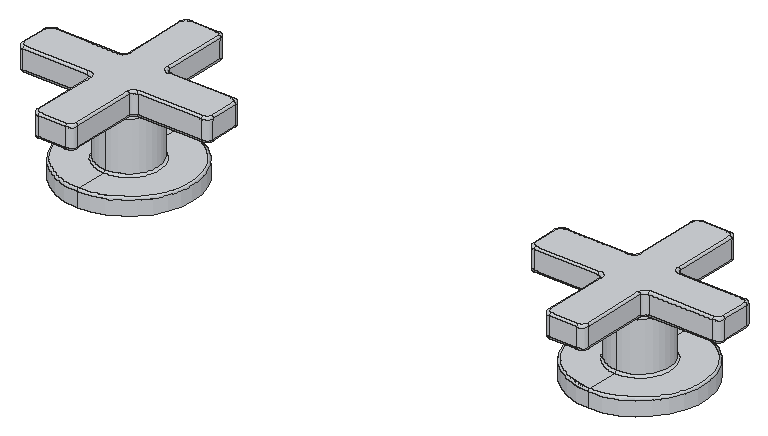
Revit family "Shower-Wall_Mount_Handle-KOHLER-Composed-K-T97045BR_1", category Specialty Equipment, host Face, Revit 2017
Family settings
  Host = Face
  Round Connector Dimension = Use Diameter
  Part Type = Normal
  OmniClass Number = 23.31.25.00
  OmniClass Title = Toilet and Bath Specialties
  Cut with Voids When Loaded = No
  Shared = No
  Room Calculation Point = No
Parameters (values of type "CP-Polished Chrome")
  Width [instance] = 8"
  WaterSense Certified = 1 = 0  # no
  URL = "https://br.kohler.com/"
  Type = 1
  Product Page URL = ""
  Product Name = "Composed"  # constant formula
  Product Documentation Link = ""
  Model = "K-T97045BR-3-CP"  # constant formula
  Material = "Premium Metal Construction"  # constant formula
  Master Format 2014 Name = "Residential Faucets, Supplies, and Trim"  # constant formula
  Master Format 2014 = "22 41 39"  # constant formula
  Manufacturer Address = "Rio de Janeiro MULTIREPAROS RUA BATISTA DA COSTA, Nº 352 | STORE B Rio de Janeiro SÃO GONÇALO 24450-470"  # constant formula
  Manufacturer = "KOHLER Co."  # constant formula
  Length = 1.45669"  # constant formula
  Height = 2.00787"  # constant formula
  Handle Clearance = 1.49606"  # constant formula
  Finish = Kohler-Metal-CP-Polished_Chrome
  Faucet Hole Spacing [instance] = Width  # 8"
  Environmental Product Declaration = ""
  Description = "Two-handle shower trim"  # constant formula
  Default Elevation = 42"
  Declare Label = ""
  Date Modified = "05/18/2021"  # constant formula
  Date Created = "05/18/2021"  # constant formula
  Copyright = "Copyright KOHLER Co."  # constant formula
  Contact Us = "https://br.kohler.com/asr-listing"
  Assembly Code = "D2010"
  ADA Compliant = 1 = 0  # no
Reference planes (in)
  plane 1 "Center (Front/Back)": y = 0
  plane 2: z = 0
  plane 3 "Center (Left/Right)": x = 0
  plane 4: x = -4
  plane 5: x = 4
  plane 6: x = -2.503937
  plane 7: x = -5.496063
  plane 8: x = -2.996063
  plane 9: y = 1.003937
  plane 10: x = -5.003937
  plane 11: x = 2.503937
  plane 12: x = 5.496063
  plane 13: x = 2.996063
  plane 14: x = 5.003937
  plane 15: y = -1.003937
  plane 16: z = 1.4566929
  plane 17: y = 1.496063
  plane 18: y = -1.496063
Dimensions and locks (in)
  "Width": plane 4 to plane 5
  equal spacing: plane 4, plane 3 "Center (Left/Right)", plane 5
  "Height": plane 15 to plane 9
  plane 18 to plane 17 = 2.99213"
  locked: plane 7 to plane 6 at 2.992126
  equal spacing: plane 7, plane 4, plane 6
  locked: plane 12 to plane 11 at 2.992126
  equal spacing: plane 12, plane 5, plane 11
  locked: plane 8 to plane 10 at 2.007874
  equal spacing: plane 8, plane 4, plane 10
  locked: plane 14 to plane 13 at 2.007874
  equal spacing: plane 14, plane 5, plane 13
  "Length": plane 16 to level
  "Handle Clearance": plane 1 "Center (Front/Back)" to plane 18
  aligned and locked: plane 2 to host face
  aligned and locked: level to host face
  aligned and locked: plane 4 to nested 1
  aligned and locked: plane 5 to nested 2
Automatic sketch dimensions
  host sketch curve to host sketch curve = 96"  (x2)
Nested families (in)
  nested 1: "K-T97045BR" at (-4, 0, 0), type "K-T97045BR"
  nested 2: "K-T97045BR" at (4, 0, 0) x (-1, 0, 0) z (0, 0, 1), type "K-T97045BR"
Definition of nested family "K-T97045BR"
  Parameters (values of type "K-T97045BR")
    Material = none
  Reference planes (in)
    plane 1 "Center (Front/Back)": y = 0
    plane 2: z = 0
    plane 3 "Center (Left/Right)": x = 0
    plane 4: y = 1.003937
    plane 5: y = -1.003937
    plane 6: x = -1.003937
    plane 7: x = 1.003937
    plane 8: y = 1.496063
    plane 9: y = -1.496063
    plane 10: x = 1.496063
    plane 11: x = -1.496063
    plane 12: z = 1.4566929
  Forms (in)
    Revolve 1, solid, material <- "Material", detail levels medium+fine
      sketch origin (0, 0, 0) x (0, 1, 0) y (0, 0, 1)
        loop
          line (0, 1.1217795) -> (0, 0) -> (1.003937, 0) -> (1.003937, 0.2244094)
          arc (1.003937, 0.2244094) -> (0.994712, 0.2466805) -> (0.9724409, 0.2559055) r 0.0314961
          line (0.9724409, 0.2559055) -> (0.4843395, 0.2559055)
          arc (0.4843395, 0.2559055) -> (0.4620127, 0.2651536) -> (0.4527646, 0.2874804) r 0.0315749
          line (0.4527646, 0.2874804) -> (0.4527646, 1.0543901)
          arc (0.4527646, 1.0543901) -> (0.4432241, 1.0774229) -> (0.4201913, 1.0869634) r 0.0325733
          line (0.4201913, 1.0869634) -> (0.2907419, 1.0869634) -> (0.2907419, 1.1217795) -> (0, 1.1217795)
        axis (0, 0) -> (0, 1.1217795)
      angle from 0 to 360
    Sweep 2, solid, material <- "Material", detail levels medium+fine
      path origin (0, 0, 0) x (1, 0, 0) y (0, 1, 0)
        loop
          arc (1.496063, 0.2165354) -> (1.4672349, 0.2861326) -> (1.3976378, 0.3149606) r 0.0984252
          line (1.3976378, 0.3149606) -> (0.3937008, 0.3149606)
          arc (0.3937008, 0.3149606) -> (0.3380231, 0.3380231) -> (0.3149606, 0.3937008) r 0.0787402
          line (0.3149606, 0.3937008) -> (0.3149606, 1.3976378)
          arc (0.3149606, 1.3976378) -> (0.2861326, 1.4672349) -> (0.2165354, 1.496063) r 0.0984252
          line (0.2165354, 1.496063) -> (-0.2165354, 1.496063)
          arc (-0.2165354, 1.496063) -> (-0.2861326, 1.4672349) -> (-0.3149606, 1.3976378) r 0.0984252
          line (-0.3149606, 1.3976378) -> (-0.3149606, 0.3937008)
          arc (-0.3149606, 0.3937008) -> (-0.3380231, 0.3380231) -> (-0.3937008, 0.3149606) r 0.0787402
          line (-0.3937008, 0.3149606) -> (-1.3976378, 0.3149606)
          arc (-1.3976378, 0.3149606) -> (-1.4672349, 0.2861326) -> (-1.496063, 0.2165354) r 0.0984252
          line (-1.496063, 0.2165354) -> (-1.496063, -0.2165354)
          arc (-1.496063, -0.2165354) -> (-1.4672349, -0.2861326) -> (-1.3976378, -0.3149606) r 0.0984252
          line (-1.3976378, -0.3149606) -> (-0.3937008, -0.3149606)
          arc (-0.3937008, -0.3149606) -> (-0.3380231, -0.3380231) -> (-0.3149606, -0.3937008) r 0.0787402
          line (-0.3149606, -0.3937008) -> (-0.3149606, -1.3976378)
          arc (-0.3149606, -1.3976378) -> (-0.2861326, -1.4672349) -> (-0.2165354, -1.496063) r 0.0984252
          line (-0.2165354, -1.496063) -> (0.2165354, -1.496063)
          arc (0.2165354, -1.496063) -> (0.2861326, -1.4672349) -> (0.3149606, -1.3976378) r 0.0984252
          line (0.3149606, -1.3976378) -> (0.3149606, -0.3937008)
          arc (0.3149606, -0.3937008) -> (0.3380231, -0.3380231) -> (0.3937008, -0.3149606) r 0.0787402
          line (0.3937008, -0.3149606) -> (1.3976378, -0.3149606)
          arc (1.3976378, -0.3149606) -> (1.4672349, -0.2861326) -> (1.496063, -0.2165354) r 0.0984252
          line (1.496063, -0.2165354) -> (1.496063, 0.2165354)
      profile origin (0, -1.496063, 0) x (0, 1, 0) y (0, 0, 1)
        loop
          line (0.0630536, 1.4566929) -> (0.0316276, 1.4566929)
          arc (0.0316276, 1.4566929) -> (0.0092635, 1.4474294) -> (0, 1.4250653) r 0.0316276
          line (0, 1.4250653) -> (0, 1.1338583)
          arc (0, 1.1338583) -> (0.009225, 1.1115872) -> (0.0314961, 1.1023622) r 0.0314961
          line (0.0314961, 1.1023622) -> (0.0630536, 1.1023622) -> (0.0630536, 1.4566929)
    Extrusion 3, solid, material <- "Material", detail levels medium+fine
      sketch origin (0, 0, 0) x (1, 0, 0) y (0, 1, 0)
        loop
          arc (-0.251907, 0.3937008) -> (-0.2934374, 0.2934374) -> (-0.3937008, 0.251907) r 0.1417938
          line (-0.3937008, 0.251907) -> (-1.3976378, 0.251907)
          arc (-1.3976378, 0.251907) -> (-1.4226493, 0.2415469) -> (-1.4330094, 0.2165354) r 0.0353716
          line (-1.4330094, 0.2165354) -> (-1.4330094, -0.2165354)
          arc (-1.4330094, -0.2165354) -> (-1.4226493, -0.2415469) -> (-1.3976378, -0.251907) r 0.0353716
          line (-1.3976378, -0.251907) -> (-0.3937008, -0.251907)
          arc (-0.3937008, -0.251907) -> (-0.2934374, -0.2934374) -> (-0.251907, -0.3937008) r 0.1417938
          line (-0.251907, -0.3937008) -> (-0.251907, -1.3976378)
          arc (-0.251907, -1.3976378) -> (-0.2415469, -1.4226493) -> (-0.2165354, -1.4330094) r 0.0353716
          line (-0.2165354, -1.4330094) -> (0.2165354, -1.4330094)
          arc (0.2165354, -1.4330094) -> (0.2415469, -1.4226493) -> (0.251907, -1.3976378) r 0.0353716
          line (0.251907, -1.3976378) -> (0.251907, -0.3937008)
          arc (0.251907, -0.3937008) -> (0.2934374, -0.2934374) -> (0.3937008, -0.251907) r 0.1417938
          line (0.3937008, -0.251907) -> (1.3976378, -0.251907)
          arc (1.3976378, -0.251907) -> (1.4226493, -0.2415469) -> (1.4330094, -0.2165354) r 0.0353716
          line (1.4330094, -0.2165354) -> (1.4330094, 0.2165354)
          arc (1.4330094, 0.2165354) -> (1.4226493, 0.2415469) -> (1.3976378, 0.251907) r 0.0353716
          line (1.3976378, 0.251907) -> (0.3937008, 0.251907)
          arc (0.3937008, 0.251907) -> (0.2934374, 0.2934374) -> (0.251907, 0.3937008) r 0.1417938
          line (0.251907, 0.3937008) -> (0.251907, 1.3976378)
          arc (0.251907, 1.3976378) -> (0.2415469, 1.4226493) -> (0.2165354, 1.4330094) r 0.0353716
          line (0.2165354, 1.4330094) -> (-0.2165354, 1.4330094)
          arc (-0.2165354, 1.4330094) -> (-0.2415469, 1.4226493) -> (-0.251907, 1.3976378) r 0.0353716
          line (-0.251907, 1.3976378) -> (-0.251907, 0.3937008)
      from 1.1023622 to 1.4566929
    Revolve 4, solid, material <- "Material", detail levels coarse
      sketch origin (0, 0, 0) x (0, 1, 0) y (0, 0, 1)
        loop
          line (0, 1.1023622) -> (0, 0) -> (1.003937, 0) -> (1.003937, 0.2559055) -> (0.4589162, 0.2559055) -> (0.4589162, 1.1023622) -> (0, 1.1023622)
        axis (0, 0) -> (0, 1.1023622)
      angle from 0 to 360
    Extrusion 5, solid, material <- "Material", detail levels coarse
      sketch origin (0, 0, 0) x (1, 0, 0) y (0, 1, 0)
        loop
          line (-0.3149606, 1.496063) -> (-0.3149606, 0.3149606) -> (-1.496063, 0.3149606) -> (-1.496063, -0.3149606) -> (-0.3149606, -0.3149606) -> (-0.3149606, -1.496063) -> (0.3149606, -1.496063) -> (0.3149606, -0.3149606) -> (1.496063, -0.3149606) -> (1.496063, 0.3149606) -> (0.3149606, 0.3149606) -> (0.3149606, 1.496063) -> (-0.3149606, 1.496063)
      from 1.1023622 to 1.4566929
  Cuts and joins
    joined: Revolve 1, Sweep 2, Extrusion 3
    joined: Revolve 4, Extrusion 5
  Lines and regions (in)
    Masking region 1
      outline origin (0, 0, 0) x (0, 1, 0) y (0, 0, 1)
        loop
          line (1.003937, 0) -> (1.003937, 0.2244094)
          arc (1.003937, 0.2244094) -> (0.994712, 0.2466805) -> (0.9724409, 0.2559055) r 0.0314961
          line (0.9724409, 0.2559055) -> (0.4843395, 0.2559055)
          arc (0.4843395, 0.2559055) -> (0.4620127, 0.2651536) -> (0.4527646, 0.2874804) r 0.0315749
          line (0.4527646, 0.2874804) -> (0.4527646, 1.0543901)
          arc (0.4527646, 1.0543901) -> (0.4432241, 1.0774229) -> (0.4201913, 1.0869634) r 0.0325733
          line (0.4201913, 1.0869634) -> (0.2907419, 1.0869634) -> (0.3174134, 1.1023622) -> (1.4645669, 1.1023622)
          arc (1.4645669, 1.1023622) -> (1.486838, 1.1115872) -> (1.496063, 1.1338583) r 0.0314961
          line (1.496063, 1.1338583) -> (1.496063, 1.4250653)
          arc (1.496063, 1.4250653) -> (1.4867995, 1.4474294) -> (1.4644354, 1.4566929) r 0.0316276
          line (1.4644354, 1.4566929) -> (-1.4644354, 1.4566929)
          arc (-1.4644354, 1.4566929) -> (-1.4867995, 1.4474294) -> (-1.496063, 1.4250653) r 0.0316276
          line (-1.496063, 1.4250653) -> (-1.496063, 1.1338583)
          arc (-1.496063, 1.1338583) -> (-1.486838, 1.1115872) -> (-1.4645669, 1.1023622) r 0.0314961
          line (-1.4645669, 1.1023622) -> (-0.3174134, 1.1023622) -> (-0.2907419, 1.0869634) -> (-0.4201913, 1.0869634)
          arc (-0.4201913, 1.0869634) -> (-0.4432241, 1.0774229) -> (-0.4527646, 1.0543901) r 0.0325733
          line (-0.4527646, 1.0543901) -> (-0.4527646, 0.2874804)
          arc (-0.4527646, 0.2874804) -> (-0.4620127, 0.2651536) -> (-0.4843395, 0.2559055) r 0.0315749
          line (-0.4843395, 0.2559055) -> (-0.9724409, 0.2559055)
          arc (-0.9724409, 0.2559055) -> (-0.994712, 0.2466805) -> (-1.003937, 0.2244094) r 0.0314961
          line (-1.003937, 0.2244094) -> (-1.003937, 0) -> (1.003937, 0)
    Masking region 2
      outline origin (0, 0, 0) x (1, 0, 0) y (0, 0, 1)
        loop
          line (-1.003937, 0) -> (1.003937, 0) -> (1.003937, 0.2244094)
          arc (1.003937, 0.2244094) -> (0.994712, 0.2466805) -> (0.9724409, 0.2559055) r 0.0314961
          line (0.9724409, 0.2559055) -> (0.4843395, 0.2559055)
          arc (0.4843395, 0.2559055) -> (0.4620127, 0.2651536) -> (0.4527646, 0.2874804) r 0.0315749
          line (0.4527646, 0.2874804) -> (0.4527646, 1.0543901)
          arc (0.4527646, 1.0543901) -> (0.4432241, 1.0774229) -> (0.4201913, 1.0869634) r 0.0325733
          line (0.4201913, 1.0869634) -> (0.2907419, 1.0869634) -> (0.3174134, 1.1023622) -> (1.4645669, 1.1023622)
          arc (1.4645669, 1.1023622) -> (1.486838, 1.1115872) -> (1.496063, 1.1338583) r 0.0314961
          line (1.496063, 1.1338583) -> (1.496063, 1.4250653)
          arc (1.496063, 1.4250653) -> (1.4867995, 1.4474294) -> (1.4644354, 1.4566929) r 0.0316276
          line (1.4644354, 1.4566929) -> (-1.4644354, 1.4566929)
          arc (-1.4644354, 1.4566929) -> (-1.4867995, 1.4474294) -> (-1.496063, 1.4250653) r 0.0316276
          line (-1.496063, 1.4250653) -> (-1.496063, 1.1338583)
          arc (-1.496063, 1.1338583) -> (-1.486838, 1.1115872) -> (-1.4645669, 1.1023622) r 0.0314961
          line (-1.4645669, 1.1023622) -> (-0.3174134, 1.1023622) -> (-0.2907419, 1.0869634) -> (-0.4201913, 1.0869634)
          arc (-0.4201913, 1.0869634) -> (-0.4432241, 1.0774229) -> (-0.4527646, 1.0543901) r 0.0325733
          line (-0.4527646, 1.0543901) -> (-0.4527646, 0.2874804)
          arc (-0.4527646, 0.2874804) -> (-0.4620127, 0.2651536) -> (-0.4843395, 0.2559055) r 0.0315749
          line (-0.4843395, 0.2559055) -> (-0.9724409, 0.2559055)
          arc (-0.9724409, 0.2559055) -> (-0.994712, 0.2466805) -> (-1.003937, 0.2244094) r 0.0314961
          line (-1.003937, 0.2244094) -> (-1.003937, 0)
    Masking region 3
      outline origin (0, 0, 0) x (1, 0, 0) y (0, 1, 0)
        loop
          arc (1.496063, 0.2165354) -> (1.4672349, 0.2861326) -> (1.3976378, 0.3149606) r 0.0984252
          line (1.3976378, 0.3149606) -> (0.953252, 0.3149606)
          arc (0.953252, 0.3149606) -> (0.7098907, 0.7098907) -> (0.3149606, 0.953252) r 1.003937
          line (0.3149606, 0.953252) -> (0.3149606, 1.3976378)
          arc (0.3149606, 1.3976378) -> (0.2861326, 1.4672349) -> (0.2165354, 1.496063) r 0.0984252
          line (0.2165354, 1.496063) -> (-0.2165354, 1.496063)
          arc (-0.2165354, 1.496063) -> (-0.2861326, 1.4672349) -> (-0.3149606, 1.3976378) r 0.0984252
          line (-0.3149606, 1.3976378) -> (-0.3149606, 0.953252)
          arc (-0.3149606, 0.953252) -> (-0.7098907, 0.7098907) -> (-0.953252, 0.3149606) r 1.003937
          line (-0.953252, 0.3149606) -> (-1.3976378, 0.3149606)
          arc (-1.3976378, 0.3149606) -> (-1.4672349, 0.2861326) -> (-1.496063, 0.2165354) r 0.0984252
          line (-1.496063, 0.2165354) -> (-1.496063, -0.2165354)
          arc (-1.496063, -0.2165354) -> (-1.4672349, -0.2861326) -> (-1.3976378, -0.3149606) r 0.0984252
          line (-1.3976378, -0.3149606) -> (-0.953252, -0.3149606)
          arc (-0.953252, -0.3149606) -> (-0.7098907, -0.7098907) -> (-0.3149606, -0.953252) r 1.003937
          line (-0.3149606, -0.953252) -> (-0.3149606, -1.3976378)
          arc (-0.3149606, -1.3976378) -> (-0.2861326, -1.4672349) -> (-0.2165354, -1.496063) r 0.0984252
          line (-0.2165354, -1.496063) -> (0.2165354, -1.496063)
          arc (0.2165354, -1.496063) -> (0.2861326, -1.4672349) -> (0.3149606, -1.3976378) r 0.0984252
          line (0.3149606, -1.3976378) -> (0.3149606, -0.953252)
          arc (0.3149606, -0.953252) -> (0.7098907, -0.7098907) -> (0.953252, -0.3149606) r 1.003937
          line (0.953252, -0.3149606) -> (1.3976378, -0.3149606)
          arc (1.3976378, -0.3149606) -> (1.4672349, -0.2861326) -> (1.496063, -0.2165354) r 0.0984252
          line (1.496063, -0.2165354) -> (1.496063, 0.2165354)
    symbolic lines, detail levels medium+fine
      curve 1: line (0, 0.4843395, 0.2559055) -> (0, -0.4843395, 0.2559055)
      curve 2: line (0, 0.2907419, 1.0869634) -> (0, -0.2907419, 1.0869634)
      curve 3: line (0, -0.3174134, 1.1023622) -> (0, 0.3174134, 1.1023622)
      curve 4: line (0, 0.3149606, 1.1338583) -> (0, 0.3149606, 1.4250653)
      curve 5: arc (0, 0.3149606, 1.4250653) -> (0, 0.3056971, 1.4474294) -> (0, 0.283333, 1.4566929) r 0.0316276
      curve 6: arc (0, 0.2834646, 1.1023622) -> (0, 0.3057356, 1.1115872) -> (0, 0.3149606, 1.1338583) r 0.0314961
      curve 7: line (0, -0.3149606, 1.1338583) -> (0, -0.3149606, 1.4250653)
      curve 8: arc (0, -0.3149606, 1.4250653) -> (0, -0.3056971, 1.4474294) -> (0, -0.283333, 1.4566929) r 0.0316276
      curve 9: arc (0, -0.2834646, 1.1023622) -> (0, -0.3057356, 1.1115872) -> (0, -0.3149606, 1.1338583) r 0.0314961
      curve 10: line (-0.4843395, 0, 0.2559055) -> (0.4843395, 0, 0.2559055)
      curve 11: line (-0.2907419, 0, 1.0869634) -> (0.2907419, 0, 1.0869634)
      curve 12: line (-0.3174134, 0, 1.1023622) -> (0.3174134, 0, 1.1023622)
      curve 13: arc (-0.283333, 0, 1.4566929) -> (-0.3056971, 0, 1.4474294) -> (-0.3149606, 0, 1.4250653) r 0.0316276
      curve 14: line (-0.3149606, 0, 1.4250653) -> (-0.3149606, 0, 1.1338583)
      curve 15: arc (-0.3149606, 0, 1.1338583) -> (-0.3057356, 0, 1.1115872) -> (-0.2834646, 0, 1.1023622) r 0.0314961
      curve 16: arc (0.283333, 0, 1.4566929) -> (0.3056971, 0, 1.4474294) -> (0.3149606, 0, 1.4250653) r 0.0316276
      curve 17: line (0.3149606, 0, 1.4250653) -> (0.3149606, 0, 1.1338583)
      curve 18: arc (0.3149606, 0, 1.1338583) -> (0.3057356, 0, 1.1115872) -> (0.2834646, 0, 1.1023622) r 0.0314961
      curve 19: line (-0.953252, 0.3149606, 0) -> (-0.3937008, 0.3149606, 0)
      curve 20: line (-0.3937008, -0.3149606, 0) -> (-0.953252, -0.3149606, 0)
      curve 21: line (-0.3149606, 0.3937008, 0) -> (-0.3149606, 0.953252, 0)
      curve 22: line (0.3149606, 0.953252, 0) -> (0.3149606, 0.3937008, 0)
      curve 23: line (0.3937008, 0.3149606, 0) -> (0.953252, 0.3149606, 0)
      curve 24: line (0.953252, -0.3149606, 0) -> (0.3937008, -0.3149606, 0)
      curve 25: line (0.3149606, -0.3937008, 0) -> (0.3149606, -0.953252, 0)
      curve 26: line (-0.3149606, -0.953252, 0) -> (-0.3149606, -0.3937008, 0)
      curve 27: arc (0.3149606, 0.3937008, 0) -> (0.3380231, 0.3380231, 0) -> (0.3937008, 0.3149606, 0) r 0.0787402
      curve 28: arc (-0.3937008, 0.3149606, 0) -> (-0.3380231, 0.3380231, 0) -> (-0.3149606, 0.3937008, 0) r 0.0787402
      curve 29: arc (0.3149606, -0.3937008, 0) -> (0.3380231, -0.3380231, 0) -> (0.3937008, -0.3149606, 0) r 0.0787402
      curve 30: arc (-0.3149606, -0.3937008, 0) -> (-0.3380231, -0.3380231, 0) -> (-0.3937008, -0.3149606, 0) r 0.0787402
  Dimensions and locks (in)
    plane 4 to plane 5 = 2.00787"
    plane 6 to plane 7 = 2.00787"
    plane 8 to plane 9 = 2.99213"
    plane 11 to plane 10 = 2.99213"
    plane 12 to level = 1.45669"
    aligned and locked: level to plane 2
